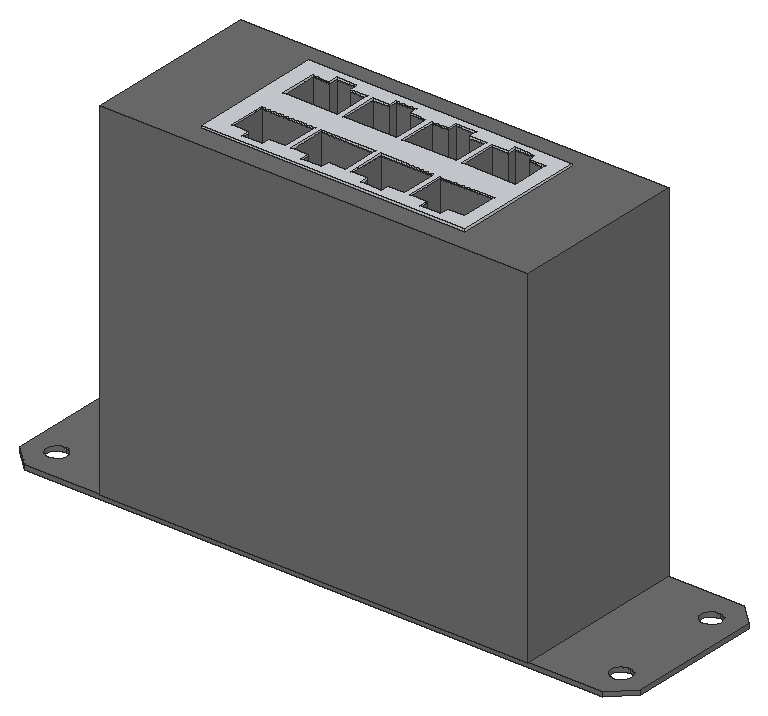
Revit family "БГЗ4_RV17_LOD400 (05.11.23)", category Электрооборудование, Revit 2017
Family settings
  Конфигурация панели = Два столбца, слева направо
  Размер круглого соединителя = Использовать диаметр
  Тип детали = Щит
  На основе рабочей плоскости = Да
  Всегда вертикально = Нет
  При загрузке вырезать с полостями = Нет
  Общий = Нет
  Точка расчета площади = Нет
Parameters (values of type "БГЗ4")
  Смещение_УГО_Y [instance] = 0 mm
  Смещение_УГО_X [instance] = 0 mm
  Скорость передачи данных (информации) по кабелю UTP-5e, Мбит/с = "10/100/1000"
  Расстояние передачи данных (информации), дальность действия по кабелю UTP-5e, до, м = 100 mm
  Разъемы вход/выход = "RJ45/RJ45"
  Раздел проекта [instance] = ""
  Раздел Спецификации [instance] = ""
  Поддержка PoE = "802.3af Active / Passive"
  Default Elevation = 1219.2 mm
  Напряжение = "57"
  Максимально допустимое напряжение электропитания РоЕ, В = 57
  Количество защищаемых линий = 4
  Диапазон рабочих температур, °С = "от –40 до +50"
  В_Смещение_УГО_Y [instance] = Смещение_УГО_Y + 2000 mm  # 2000 mm
  В_Смещение_УГО_X [instance] = Смещение_УГО_X + 2000 mm  # 2000 mm
  d_короба = 20 mm
  ADSK_Размер_Длина = 148 mm
  ADSK_Размер_Глубина = 84 mm
  ADSK_Размер_Высота = 42 mm
  ADSK_Примечание = ""
  ADSK_Наименование = "Блок грозозащиты БГЗ4"
  ADSK_Масса = 0.3
  ADSK_Марка = "СТВФ.426471.106"
  ADSK_Количество = 1
  ADSK_Завод-изготовитель = "ООО «Основа Безопасности»"  # constant formula
  ADSK_Единица измерения = "шт."  # constant formula
  ADSK_URL страницы изделия = "https://stilsoft.ru/products/bgz4"
  ADSK_URL документации изделия = ""
Reference planes
  plane 1 "По центру (Вперед/Назад)": y = 0
  plane 2: z = 0
  plane 3 "По центру (Влево/Вправо)": x = 0
  plane 4: y = 2000
  plane 5: x = -2000
  plane 6: x = 0
  plane 7: y = 0
  plane 8: x = 74
  plane 9: x = -74
  plane 10: x = -51
  plane 11: x = 51
  plane 12: z = 84
Forms (mm)
  Extrusion 1, solid, material "По умолчанию", detail levels medium+fine
    sketch origin (0, 21, 0) x (0, -1, 0) y (1, 0, 0)
      loop
        line (42, -69) -> (42, 69) -> (37, 74) -> (5, 74) -> (0, 69) -> (0, -69) -> (5, -74) -> (37, -74) -> (42, -69)
      loop
        circle (34.406, -67.273) r 2.438
      loop
        circle (7.594, -67.273) r 2.438
      loop
        circle (34.406, 67.273) r 2.438
      loop
        circle (7.594, 67.273) r 2.438
    from 0 to 1
  Extrusion 2, solid, material "По умолчанию", detail levels medium+fine
    sketch origin (0, 21, 0) x (0, -1, 0) y (1, 0, 0)
      loop
        line (42, -51) -> (42, 51) -> (0, 51) -> (0, -51) -> (42, -51)
    from 1 to 84
  Extrusion 3, solid, detail levels medium+fine
    sketch origin (0, 21.25, 168.5) x (0, -1, 0) y (1, 0, 0)
      loop
        line (5, -0.184) -> (5, -31) -> (37, -31) -> (37, 31.816) -> (5, 31.816) -> (5, -0.184)
    from -84 to -84.5
  Extrusion 4, void
    sketch origin (-1.023, -20.5, 0) x (1, 0, 0) y (0, 1, 0)
      loop
        line (-25.878, 23.948) -> (-12.878, 23.948) -> (-12.878, 32.948) -> (-16.878, 32.948) -> (-16.878, 34.948) -> (-21.878, 34.948) -> (-21.878, 32.948) -> (-25.878, 32.948) -> (-25.878, 23.948)
    from 84.5 to 70
  Extrusion 5, void
    sketch origin (-1.023, 21, 0) x (1, 0, 0) y (0, 1, 0)
      loop
        line (-25.878, -23.948) -> (-25.878, -32.948) -> (-21.878, -32.948) -> (-21.878, -34.948) -> (-16.878, -34.948) -> (-16.878, -32.948) -> (-12.878, -32.948) -> (-12.878, -23.948) -> (-25.878, -23.948)
    from 84.5 to 70
  Extrusion 6, void
    sketch origin (13.157, -20.5, 0) x (1, 0, 0) y (0, 1, 0)
      loop
        line (-25.878, 23.948) -> (-12.878, 23.948) -> (-12.878, 32.948) -> (-16.878, 32.948) -> (-16.878, 34.948) -> (-21.878, 34.948) -> (-21.878, 32.948) -> (-25.878, 32.948) -> (-25.878, 23.948)
    from 84.5 to 70
  Extrusion 7, void
    sketch origin (13.157, 21, 0) x (1, 0, 0) y (0, 1, 0)
      loop
        line (-25.878, -23.948) -> (-25.878, -32.948) -> (-21.878, -32.948) -> (-21.878, -34.948) -> (-16.878, -34.948) -> (-16.878, -32.948) -> (-12.878, -32.948) -> (-12.878, -23.948) -> (-25.878, -23.948)
    from 84.5 to 70
  Extrusion 8, void
    sketch origin (27.337, -20.5, 0) x (1, 0, 0) y (0, 1, 0)
      loop
        line (-25.878, 23.948) -> (-12.878, 23.948) -> (-12.878, 32.948) -> (-16.878, 32.948) -> (-16.878, 34.948) -> (-21.878, 34.948) -> (-21.878, 32.948) -> (-25.878, 32.948) -> (-25.878, 23.948)
    from 84.5 to 70
  Extrusion 9, void
    sketch origin (27.337, 21, 0) x (1, 0, 0) y (0, 1, 0)
      loop
        line (-25.878, -23.948) -> (-25.878, -32.948) -> (-21.878, -32.948) -> (-21.878, -34.948) -> (-16.878, -34.948) -> (-16.878, -32.948) -> (-12.878, -32.948) -> (-12.878, -23.948) -> (-25.878, -23.948)
    from 84.5 to 70
  Extrusion 10, void
    sketch origin (41.517, -20.5, 0) x (1, 0, 0) y (0, 1, 0)
      loop
        line (-25.878, 23.948) -> (-12.878, 23.948) -> (-12.878, 32.948) -> (-16.878, 32.948) -> (-16.878, 34.948) -> (-21.878, 34.948) -> (-21.878, 32.948) -> (-25.878, 32.948) -> (-25.878, 23.948)
    from 84.5 to 70
  Extrusion 11, void
    sketch origin (41.517, 21, 0) x (1, 0, 0) y (0, 1, 0)
      loop
        line (-25.878, -23.948) -> (-25.878, -32.948) -> (-21.878, -32.948) -> (-21.878, -34.948) -> (-16.878, -34.948) -> (-16.878, -32.948) -> (-12.878, -32.948) -> (-12.878, -23.948) -> (-25.878, -23.948)
    from 84.5 to 70
Cuts and joins
  Extrusion 4, Extrusion 5, Extrusion 6, Extrusion 7, Extrusion 8, Extrusion 9, Extrusion 10, Extrusion 11 cuts Extrusion 2
  Extrusion 4, Extrusion 5, Extrusion 6, Extrusion 7, Extrusion 8, Extrusion 9, Extrusion 10, Extrusion 11 cuts Extrusion 3
Dimensions and locks
  locked: plane 4 to plane 1 "По центру (Вперед/Назад)" at 2000
  locked: plane 5 to plane 3 "По центру (Влево/Вправо)" at 2000
  "В_Смещение_УГО_X": plane 5 to plane 6
  "В_Смещение_УГО_Y": plane 4 to plane 7
  "ADSK_Размер_Длина": plane 9 to plane 8
  "ADSK_Размер_Глубина": plane 12 to level
  aligned and locked: level to plane 2
Automatic sketch dimensions
  Extrusion 1 sketch curve to plane 1 "По центру (Вперед/Назад)" = 21 mm
  Extrusion 1 sketch curve to plane 9 = 0 mm
  Extrusion 1 sketch curve to plane 8 = 0 mm
  Extrusion 1 sketch curve to plane 1 "По центру (Вперед/Назад)" = 16 mm  (x2)
  Extrusion 1 sketch curve to Extrusion 1 sketch curve = 2.594 mm  (x4)
  Extrusion 1 sketch curve to plane 9 = 6.727 mm  (x2)
  Extrusion 1 sketch curve to Extrusion 1 sketch curve = 26.812 mm  (x2)
  Extrusion 1 sketch curve to plane 8 = 6.727 mm  (x2)
  Extrusion 1 sketch curve to Extrusion 1 sketch curve = 5 mm
  Extrusion 1 sketch curve to plane 9 = 5 mm  (x2)
  Extrusion 1 sketch curve to plane 8 = 5 mm  (x2)
  Extrusion 2 sketch curve to plane 1 "По центру (Вперед/Назад)" = 21 mm
  Extrusion 2 sketch curve to plane 10 = 0 mm
  Extrusion 2 sketch curve to plane 11 = 0 mm
  plane 1 "По центру (Вперед/Назад)" to Extrusion 2 sketch curve = 21 mm
  Extrusion 3 sketch curve to plane 3 "По центру (Влево/Вправо)" = 0.184 mm
  Extrusion 3 sketch curve to plane 1 "По центру (Вперед/Назад)" = 16.25 mm
  Extrusion 3 sketch curve to Extrusion 3 sketch curve = 32 mm
  plane 10 to Extrusion 3 sketch curve = 20 mm
  plane 11 to Extrusion 3 sketch curve = 19.184 mm
  Extrusion 4 sketch curve to Extrusion 4 sketch curve = 4 mm  (x2)
  Extrusion 4 sketch curve to Extrusion 4 sketch curve = 5 mm
  Extrusion 4 sketch curve to Extrusion 4 sketch curve = 2 mm  (x2)
  Extrusion 4 sketch curve to Extrusion 4 sketch curve = 9 mm
  Extrusion 5 sketch curve to Extrusion 5 sketch curve = 4 mm  (x2)
  Extrusion 5 sketch curve to Extrusion 5 sketch curve = 5 mm
  Extrusion 5 sketch curve to Extrusion 5 sketch curve = 2 mm  (x2)
  Extrusion 5 sketch curve to Extrusion 5 sketch curve = 9 mm
  Extrusion 6 sketch curve to Extrusion 6 sketch curve = 4 mm  (x2)
  Extrusion 6 sketch curve to Extrusion 6 sketch curve = 5 mm
  Extrusion 6 sketch curve to Extrusion 6 sketch curve = 2 mm  (x2)
  Extrusion 6 sketch curve to Extrusion 6 sketch curve = 9 mm
  Extrusion 7 sketch curve to Extrusion 7 sketch curve = 4 mm  (x2)
  Extrusion 7 sketch curve to Extrusion 7 sketch curve = 5 mm
  Extrusion 7 sketch curve to Extrusion 7 sketch curve = 2 mm  (x2)
  Extrusion 7 sketch curve to Extrusion 7 sketch curve = 9 mm
  Extrusion 8 sketch curve to Extrusion 8 sketch curve = 4 mm  (x2)
  Extrusion 8 sketch curve to Extrusion 8 sketch curve = 5 mm
  Extrusion 8 sketch curve to Extrusion 8 sketch curve = 2 mm  (x2)
  Extrusion 8 sketch curve to Extrusion 8 sketch curve = 9 mm
  Extrusion 9 sketch curve to Extrusion 9 sketch curve = 4 mm  (x2)
  Extrusion 9 sketch curve to Extrusion 9 sketch curve = 5 mm
  Extrusion 9 sketch curve to Extrusion 9 sketch curve = 2 mm  (x2)
  Extrusion 9 sketch curve to Extrusion 9 sketch curve = 9 mm
  Extrusion 10 sketch curve to Extrusion 10 sketch curve = 4 mm  (x2)
  Extrusion 10 sketch curve to Extrusion 10 sketch curve = 5 mm
  Extrusion 10 sketch curve to Extrusion 10 sketch curve = 2 mm  (x2)
  Extrusion 10 sketch curve to Extrusion 10 sketch curve = 9 mm
  Extrusion 11 sketch curve to Extrusion 11 sketch curve = 4 mm  (x2)
  Extrusion 11 sketch curve to Extrusion 11 sketch curve = 5 mm
  Extrusion 11 sketch curve to Extrusion 11 sketch curve = 2 mm  (x2)
  Extrusion 11 sketch curve to Extrusion 11 sketch curve = 9 mm
  Extrusion 4 sketch curve to plane 10 = 24.099 mm
  plane 1 "По центру (Вперед/Назад)" to Extrusion 4 sketch curve = 14.448 mm
  plane 10 to Extrusion 5 sketch curve = 24.099 mm
  plane 1 "По центру (Вперед/Назад)" to Extrusion 5 sketch curve = 13.948 mm
  plane 3 "По центру (Влево/Вправо)" to Extrusion 6 sketch curve = 12.721 mm
  plane 1 "По центру (Вперед/Назад)" to Extrusion 6 sketch curve = 14.448 mm
  Extrusion 7 sketch curve to plane 3 "По центру (Влево/Вправо)" = 12.721 mm
  plane 1 "По центру (Вперед/Назад)" to Extrusion 7 sketch curve = 13.948 mm
  Extrusion 8 sketch curve to plane 3 "По центру (Влево/Вправо)" = 1.459 mm
  plane 1 "По центру (Вперед/Назад)" to Extrusion 8 sketch curve = 14.448 mm
  plane 3 "По центру (Влево/Вправо)" to Extrusion 9 sketch curve = 1.459 mm
  plane 1 "По центру (Вперед/Назад)" to Extrusion 9 sketch curve = 13.948 mm
  Extrusion 10 sketch curve to plane 3 "По центру (Влево/Вправо)" = 15.639 mm
  plane 1 "По центру (Вперед/Назад)" to Extrusion 10 sketch curve = 14.448 mm
  plane 3 "По центру (Влево/Вправо)" to Extrusion 11 sketch curve = 15.639 mm
  plane 1 "По центру (Вперед/Назад)" to Extrusion 11 sketch curve = 13.948 mm
  radius of Extrusion 1 sketch curve = 2.438 mm  (x4)
Connectors
  electrical at (51, 0, 42.5)
    settings: on cut or joined group 1 (Extrusion 2, Extrusion 4, Extrusion 5, Extrusion 6, Extrusion 7, Extrusion 8, Extrusion 9, Extrusion 10, Extrusion 11), index 1, voltage 0 V, apparent load 0 VA, apparent load phase1 0 VA, apparent load phase2 0 VA, apparent load phase3 0 VA, power factor 1, load classification "Прочее", number of poles 1, system type 14, power factor state 1, is connector primary yes, connector utility no, sub classification motor no, connector description ""
  cabletrayconduit at (51, 0, 42.5), diameter 20, driven by "d_короба"
    settings: on cut or joined group 1, index 2, connector width 300 mm, connector height 300 mm, connector angle 0.00°, system type 32, placement type 0, profile type 0, connector reference index -1, is primary connector yes, connector utility param no, connector description ""
  electrical at (-20.401, 10.698, 84)
    settings: on cut or joined group 1, index 3, voltage 0 V, apparent load 0 VA, apparent load phase1 0 VA, apparent load phase2 0 VA, apparent load phase3 0 VA, power factor 1, load classification "Прочее", number of poles 1, system type 14, power factor state 1, is connector primary no, connector utility no, sub classification motor no, connector description ""
  electrical at (-6.221, 10.698, 84)
    settings: on cut or joined group 1, index 4, voltage 0 V, apparent load 0 VA, apparent load phase1 0 VA, apparent load phase2 0 VA, apparent load phase3 0 VA, power factor 1, load classification "Прочее", number of poles 1, system type 14, power factor state 1, is connector primary no, connector utility no, sub classification motor no, connector description ""
  electrical at (7.959, 10.698, 84.5)
    settings: on cut or joined group 2 (Extrusion 3, Extrusion 4, Extrusion 5, Extrusion 6, Extrusion 7, Extrusion 8, Extrusion 9, Extrusion 10, Extrusion 11), index 5, voltage 0 V, apparent load 0 VA, apparent load phase1 0 VA, apparent load phase2 0 VA, apparent load phase3 0 VA, power factor 1, load classification "Прочее", number of poles 1, system type 14, power factor state 1, is connector primary no, connector utility no, sub classification motor no, connector description ""
  electrical at (22.139, 10.698, 84.5)
    settings: on cut or joined group 2, index 6, voltage 0 V, apparent load 0 VA, apparent load phase1 0 VA, apparent load phase2 0 VA, apparent load phase3 0 VA, power factor 1, load classification "Прочее", number of poles 1, system type 14, power factor state 1, is connector primary no, connector utility no, sub classification motor no, connector description ""
  electrical at (-20.401, -10.198, 84)
    settings: on cut or joined group 1, index 7, voltage 0 V, apparent load 0 VA, apparent load phase1 0 VA, apparent load phase2 0 VA, apparent load phase3 0 VA, power factor 1, load classification "Прочее", number of poles 1, system type 14, power factor state 1, is connector primary no, connector utility no, sub classification motor no, connector description ""
  electrical at (-6.221, -10.198, 84.5)
    settings: on cut or joined group 2, index 8, voltage 0 V, apparent load 0 VA, apparent load phase1 0 VA, apparent load phase2 0 VA, apparent load phase3 0 VA, power factor 1, load classification "Прочее", number of poles 1, system type 14, power factor state 1, is connector primary no, connector utility no, sub classification motor no, connector description ""
  electrical at (7.959, -10.198, 84.5)
    settings: on cut or joined group 2, index 9, voltage 0 V, apparent load 0 VA, apparent load phase1 0 VA, apparent load phase2 0 VA, apparent load phase3 0 VA, power factor 1, load classification "Прочее", number of poles 1, system type 14, power factor state 1, is connector primary no, connector utility no, sub classification motor no, connector description ""
  electrical at (22.139, -10.198, 84.5)
    settings: on cut or joined group 2, index 10, voltage 0 V, apparent load 0 VA, apparent load phase1 0 VA, apparent load phase2 0 VA, apparent load phase3 0 VA, power factor 1, load classification "Прочее", number of poles 1, system type 14, power factor state 1, is connector primary no, connector utility no, sub classification motor no, connector description ""
  cabletrayconduit at (-20.401, 10.698, 70), diameter 20, driven by "d_короба"
    settings: on cut or joined group 1, index 11, connector width 300 mm, connector height 300 mm, connector angle 0.00°, system type 32, placement type 0, profile type 0, connector reference index -1, is primary connector no, connector utility param no, connector description ""
  cabletrayconduit at (-6.221, 10.698, 70), diameter 20, driven by "d_короба"
    settings: on cut or joined group 1, index 12, connector width 300 mm, connector height 300 mm, connector angle 0.00°, system type 32, placement type 0, profile type 0, connector reference index -1, is primary connector no, connector utility param no, connector description ""
  cabletrayconduit at (7.959, 10.698, 70), diameter 20, driven by "d_короба"
    settings: on cut or joined group 1, index 13, connector width 300 mm, connector height 300 mm, connector angle 0.00°, system type 32, placement type 0, profile type 0, connector reference index -1, is primary connector no, connector utility param no, connector description ""
  cabletrayconduit at (22.139, 10.698, 70), diameter 20, driven by "d_короба"
    settings: on cut or joined group 1, index 14, connector width 300 mm, connector height 300 mm, connector angle 0.00°, system type 32, placement type 0, profile type 0, connector reference index -1, is primary connector no, connector utility param no, connector description ""
  cabletrayconduit at (-20.401, -10.198, 70), diameter 20, driven by "d_короба"
    settings: on cut or joined group 1, index 15, connector width 300 mm, connector height 300 mm, connector angle 0.00°, system type 32, placement type 0, profile type 0, connector reference index -1, is primary connector no, connector utility param no, connector description ""
  cabletrayconduit at (-6.221, -10.198, 70), diameter 20, driven by "d_короба"
    settings: on cut or joined group 1, index 16, connector width 300 mm, connector height 300 mm, connector angle 0.00°, system type 32, placement type 0, profile type 0, connector reference index -1, is primary connector no, connector utility param no, connector description ""
  cabletrayconduit at (7.959, -10.198, 70), diameter 20, driven by "d_короба"
    settings: on cut or joined group 1, index 17, connector width 300 mm, connector height 300 mm, connector angle 0.00°, system type 32, placement type 0, profile type 0, connector reference index -1, is primary connector no, connector utility param no, connector description ""
  cabletrayconduit at (22.139, -10.198, 70), diameter 20, driven by "d_короба"
    settings: on cut or joined group 1, index 18, connector width 300 mm, connector height 300 mm, connector angle 0.00°, system type 32, placement type 0, profile type 0, connector reference index -1, is primary connector no, connector utility param no, connector description ""
